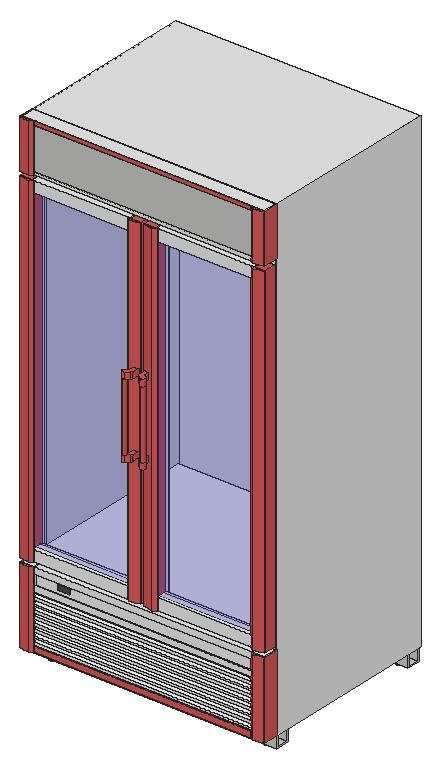
Revit family "QF_Turbo Air_TGF-35SDf5a67579-17e4-46e4-8828-1c72352706c0", category Specialty Equipment, Revit 2012
Parameters (values of type "White - Wine")
  Width = 3' - 3 1/2"  # constant formula
  Weight in Pounds = 519  # constant formula
  Watermarked By = "http://revitwatermark.com"
  Volts = 115 V
  URL Cutsheet = ""
  URL = "www.turboairinc.com"
  Status [instance] = ""
  Specification by User [instance] = ""
  Specification by Manufacturer [instance] = ""
  Sign Material [instance] = QF_Finishes_Turbo Air Image
  Serial Number [instance] = ""
  Revision Code [instance] = ""
  Phase = 1
  Number of Poles [instance] = 1
  NAFEM Spec ID Number [instance] = ""
  Model = "TGF-35SDV"
  Masterspec [instance] = ""
  Manufacturer = "Turbo Air"  # constant formula
  Lower Door Frame Material = QF_Finishes_White
  Lower Cowl Frame Material = QF_Finishes_Anodized - Red
  Legs [instance] = not(Casters)  # yes
  Item Number [instance] = "-"
  Installed By [instance] = ""
  HP = "1.25"
  Furnished By [instance] = ""
  Foodservice Equipment Identifier = yes
  FL Amps = 11.5 A
  Electrical Remarks [instance] = ""
  Electric Connection Type [instance] = ""
  Elec Conn RI Height [instance] = 0' - 0"
  Elec Conn Connection Height [instance] = if(Casters, 0' 11", 0' 6")  # 0' - 6"
  Door Material = QF_Finishes_Anodized - Red
  Description = "Freezer Merchandiser"
  Depth = 2' - 7 7/16"  # constant formula
  Cycle = 60 Hz
  Conn Plug = "NEMA 5-20P"
  CasterLeg Height [instance] = if(Casters, 0' 5", 0' 0 1/2")  # 0' - 0 1/2"
  CSI MasterFormat = "11 41 13"
  Body Material = QF_Finishes_White
  Assembly Code = "E1090320"
  Apparent Power = if(Phase = 3, Volts * FL Amps * 1.73, Volts * FL Amps)  # 1322.5 VA
  Casters [instance] = no
Types (4): name | Model | Lower Door Frame Material | Lower Cowl Frame Material | Door Material | Body Material
  (no name) | "TGF-35SDV" | QF_Finishes_White | QF_Finishes_Anodized - Red | QF_Finishes_Anodized - Red | QF_Finishes_White
  Black | "TGF-35SDB" | QF_Finishes_Black | QF_Finishes_Black | QF_Finishes_Black | QF_Finishes_Black
  White | "TGF-35SDW" | QF_Finishes_White | QF_Finishes_White | QF_Finishes_White | QF_Finishes_White
  White - Wine | "TGF-35SDV" | QF_Finishes_White | QF_Finishes_Anodized - Red | QF_Finishes_Anodized - Red | QF_Finishes_White
Reference planes (in)
  plane 1: z = 0
  plane 2 "LEFT": x = -20.72594
  plane 3 "RIGHT": x = 18.77406
  plane 4 "FRONT": y = -29.375
  plane 5 "BACK": y = 4.3125
  plane 6 "Front of Door": y = -27.125
  plane 7 "Top of Door": z = 70.8125
  plane 8 "Top of Lower Cowl": z = 14.875
  plane 9 "Front of Box": y = -24.75
  plane 10 "Bottom of Door": z = 15.5625
  plane 11 "Bottom of Lower Cowl": z = 2.5
  plane 12 "Left of Vents": x = -18.53844
  plane 13 "Right of Vents": x = 16.58656
  plane 14 "Bottom": z = 0.5
  plane 15 "TOP": z = 79.4375
  plane 16 "Bottom of Top Display": z = 71.5625
  plane 17 "Right of Left Door": x = -1.22594
  plane 18 "Left of Right Door": x = -0.72594
Forms (in)
  Extrusion 1, solid, material "QF_Finishes_White" <- "Body Material"
    sketch origin (0, 4.3125, 0) x (1, 0, 0) y (0, 0, 1)
      loop
        line (-20.72594, 2.5) -> (18.77406, 2.5) -> (18.77406, 79.4375) -> (-20.72594, 79.4375) -> (-20.72594, 2.5)
      loop
        line (-20.60094, 79.3125) -> (-20.60094, 2.625) -> (18.64906, 2.625) -> (18.64906, 79.3125) -> (-20.60094, 79.3125)
    from 0 to 29.0625
  Extrusion 2, solid, material "QF_Finishes_White" <- "Body Material"
    sketch origin (0, 4.3125, 0) x (1, 0, 0) y (0, 0, 1)
      loop
        line (-20.60094, 79.3125) -> (-20.60094, 2.625) -> (18.64906, 2.625) -> (18.64906, 79.3125) -> (-20.60094, 79.3125)
    from 0 to 0.125
  Extrusion 3, solid, material "QF_Finishes_White" <- "Body Material"
    sketch origin (0, -24.75, 0) x (1, 0, 0) y (0, 0, 1)
      loop
        line (-18.72594, 68.8125) -> (-18.72594, 16.875) -> (-3.22594, 16.875) -> (-3.22594, 68.8125) -> (-18.72594, 68.8125)
      loop
        line (16.77406, 16.875) -> (16.77406, 68.8125) -> (1.27406, 68.8125) -> (1.27406, 16.875) -> (16.77406, 16.875)
      loop
        line (-20.60094, 79.3125) -> (-20.60094, 2.625) -> (18.64906, 2.625) -> (18.64906, 79.3125) -> (-20.60094, 79.3125)
      loop
        line (16.58656, 14.875) -> (-18.53844, 14.875) -> (-18.53844, 3.5) -> (16.58656, 3.5) -> (16.58656, 14.875)
    from 0 to -0.125
  Extrusion 4, solid, material "QF_Finishes_White"
    sketch origin (-20.72594, 0, 0) x (0, 1, 0) y (0, 0, 1)
      loop
        line (-24.625, 15) -> (4.1875, 15) -> (4.1875, 79.3125) -> (-24.625, 79.3125) -> (-24.625, 68.8125) -> (-22.75, 68.8125) -> (-22.75, 77.4375) -> (2.3125, 77.4375) -> (2.3125, 16.875) -> (-24.625, 16.875) -> (-24.625, 15)
    from 0.125 to 39.375
  Extrusion 5, solid, material "QF_Finishes_White"
    sketch origin (-20.72594, 0, 0) x (0, 1, 0) y (0, 0, 1)
      loop
        line (-24.625, 16.875) -> (2.3125, 16.875) -> (2.3125, 77.4375) -> (-22.75, 77.4375) -> (-22.75, 68.8125) -> (-24.625, 68.8125) -> (-24.625, 16.875)
    from 0.125 to 2
  Extrusion 6, solid, material "QF_Finishes_White"
    sketch origin (18.77406, 0, 0) x (0, 1, 0) y (0, 0, 1)
      loop
        line (-24.625, 16.875) -> (2.3125, 16.875) -> (2.3125, 77.4375) -> (-22.75, 77.4375) -> (-22.75, 68.8125) -> (-24.625, 68.8125) -> (-24.625, 16.875)
    from -0.125 to -2
  Extrusion 7, solid, material "QF_Finishes_Black"
    sketch origin (0, -24.75, 0) x (1, 0, 0) y (0, 0, 1)
      loop
        line (0.58656, 69.5) -> (0.58656, 16.1875) -> (17.46156, 16.1875) -> (17.46156, 69.5) -> (0.58656, 69.5)
      loop
        line (0.46156, 69.625) -> (0.46156, 16.0625) -> (17.58656, 16.0625) -> (17.58656, 69.625) -> (0.46156, 69.625)
    from 0 to 0.4375
  Extrusion 8, solid, material "QF_Finishes_White" <- "Body Material"
    sketch origin (0, 4.3125, 0) x (1, 0, 0) y (0, 0, 1)
      loop
        circle (-0.97594, 6) r 0.25
    from 0 to -0.0625
  Extrusion 9, solid, material "QF_Finishes_Anodized - Red" <- "Door Material"
    sketch origin (0, 0, 2.5) x (0, 1, 0) y (-1, 0, 0)
      loop
        line (-24.75, 20.72594) -> (-27.25, 20.72594)
        arc (-27.25, 20.72594) -> (-27.46771, 19.92526) -> (-27.5625, 19.10094) r 5.5
        line (-27.5625, 19.10094) -> (-27.1875, 18.53844) -> (-27.125, 18.53844) -> (-27.125, 20.60094) -> (-24.75, 20.60094) -> (-24.75, 20.72594)
    from 0 to 12.375
  Extrusion 10, solid, material "QF_Finishes_Anodized - Red" <- "Door Material"
    sketch origin (25.75, 0, 2.5) x (0, 1, 0) y (-1, 0, 0)
      loop
        line (-24.75, 6.97594) -> (-24.75, 7.10094) -> (-27.125, 7.10094) -> (-27.125, 9.16344) -> (-27.1875, 9.16344) -> (-27.5625, 8.60094)
        arc (-27.5625, 8.60094) -> (-27.46771, 7.77662) -> (-27.25, 6.97594) r 5.5
        line (-27.25, 6.97594) -> (-24.75, 6.97594)
    from 0 to 12.375
  Extrusion 11, solid, material "QF_Finishes_White" <- "Body Material"
    sketch origin (0, -24.75, 0) x (1, 0, 0) y (0, 0, 1)
      loop
        line (-18.53844, 14.875) -> (-18.53844, 13.875) -> (16.58656, 13.875) -> (16.58656, 14.875) -> (-18.53844, 14.875)
      loop
        line (-18.53844, 12.1875) -> (-18.53844, 11.1875) -> (16.58656, 11.1875) -> (16.58656, 12.1875) -> (-18.53844, 12.1875)
    from 0 to 2.375
  Extrusion 12, solid, material "QF_Finishes_White" <- "Body Material"
    sketch origin (0, -24.75, 0) x (1, 0, 0) y (0, 0, 1)
      loop
        line (-18.53844, 13.875) -> (-18.53844, 12.1875) -> (16.58656, 12.1875) -> (16.58656, 13.875) -> (-18.53844, 13.875)
      loop
        line (-14.97594, 12.625) -> (-13.03844, 12.625) -> (-13.03844, 13.4375) -> (-14.97594, 13.4375) -> (-14.97594, 12.625)
    from 0 to 2.125
  Extrusion 13, solid, material "QF_Finishes_Black"
    sketch origin (0, -24.75, 0) x (1, 0, 0) y (0, 0, 1)
      loop
        line (-14.97594, 13.4375) -> (-14.97594, 12.625) -> (-13.03844, 12.625) -> (-13.03844, 13.4375) -> (-14.97594, 13.4375)
    from 0 to 2.125
  Extrusion 14, solid, material "QF_Finishes_White" <- "Body Material"
    sketch origin (0, -24.75, 0) x (1, 0, 0) y (0, 0, 1)
      loop
        line (-20.60094, 14.875) -> (-20.60094, 2.5) -> (18.64906, 2.5) -> (18.64906, 14.875) -> (16.58656, 14.875) -> (16.58656, 3.5) -> (-18.53844, 3.5) -> (-18.53844, 14.875) -> (-20.60094, 14.875)
    from 0 to 2.375
  Extrusion 15, solid, material "QF_Finishes_Anodized - Red" <- "Lower Cowl Frame Material"
    sketch origin (0, -27.125, 0) x (1, 0, 0) y (0, 0, 1)
      loop
        line (-18.53844, 3.5) -> (-18.53844, 2.5) -> (16.58656, 2.5) -> (16.58656, 3.5) -> (-18.53844, 3.5)
    from 0 to 0.0625
  Extrusion 16, solid, material "QF_Finishes_White" <- "Body Material"
    sketch origin (-18.53844, 0, 0) x (0, 1, 0) y (0, 0, 1)
      loop
        line (-27.125, 3.5625) -> (-27, 3.5625) -> (-27, 3.88572) -> (-26.47411, 4.41161) -> (-26.5625, 4.5) -> (-27.125, 3.9375) -> (-27.125, 3.5625)
      loop
        line (-27.125, 4.5) -> (-27, 4.625) -> (-27, 4.82322) -> (-26.47411, 5.34911) -> (-26.5625, 5.4375) -> (-27.125, 4.875) -> (-27.125, 4.5)
      loop
        line (-27.125, 5.4375) -> (-27, 5.5625) -> (-27, 5.76072) -> (-26.47411, 6.28661) -> (-26.5625, 6.375) -> (-27.125, 5.8125) -> (-27.125, 5.4375)
      loop
        line (-27.125, 6.375) -> (-27, 6.5) -> (-27, 6.69822) -> (-26.47411, 7.22411) -> (-26.5625, 7.3125) -> (-27.125, 6.75) -> (-27.125, 6.375)
      loop
        line (-27.125, 11.0625) -> (-26.5625, 11.0625) -> (-27.125, 10.5) -> (-27.125, 10.125) -> (-27, 10.25) -> (-27, 10.44822) -> (-26.47411, 10.97411) -> (-26.47411, 11.125) -> (-27.125, 11.125) -> (-27.125, 11.0625)
      loop
        line (-27.125, 7.3125) -> (-27, 7.4375) -> (-27, 7.63572) -> (-26.47411, 8.16161) -> (-26.5625, 8.25) -> (-27.125, 7.6875) -> (-27.125, 7.3125)
      loop
        line (-27.125, 8.25) -> (-27, 8.375) -> (-27, 8.57322) -> (-26.47411, 9.09911) -> (-26.5625, 9.1875) -> (-27.125, 8.625) -> (-27.125, 8.25)
      loop
        line (-27.125, 9.1875) -> (-27, 9.3125) -> (-27, 9.51072) -> (-26.47411, 10.03661) -> (-26.5625, 10.125) -> (-27.125, 9.5625) -> (-27.125, 9.1875)
    from 0 to 35.125
  Extrusion 17, solid, material "QF_Finishes_Stainless Steel"
    sketch origin (-20.72594, 0, 0) x (0, 1, 0) y (0, 0, 1)
      loop
        line (-24.5625, 2.5) -> (-24.5625, 0.5) -> (-22.375, 0.5) -> (-22.375, 2.5) -> (-22.5, 2.5) -> (-22.5, 0.625) -> (-24.4375, 0.625) -> (-24.4375, 2.5) -> (-24.5625, 2.5)
      loop
        line (1.9375, 2.5) -> (1.9375, 0.5) -> (4.125, 0.5) -> (4.125, 2.5) -> (4, 2.5) -> (4, 0.625) -> (2.0625, 0.625) -> (2.0625, 2.5) -> (1.9375, 2.5)
    from 0.125 to 39.375
  Extrusion 18, solid, material "QF_Finishes_Stainless Steel", visible <- "Legs"
    sketch origin (0, 0, 0) x (1, 0, 0) y (0, 1, 0)
      loop
        circle (-18.41344, 3.03125) r 0.5625
      loop
        circle (-18.41344, -23.46875) r 0.5625
    from 0 to 0.5
  Extrusion 19, solid, material "QF_Finishes_Stainless Steel", visible <- "Legs"
    sketch origin (23.4375, 0, 0) x (1, 0, 0) y (0, 1, 0)
      loop
        circle (-6.97594, 3.03125) r 0.5625
      loop
        circle (-6.97594, -23.46875) r 0.5625
    from 0 to 0.5
  Extrusion 20, solid, material "QF_Finishes_Anodized - Red" <- "Door Material"
    sketch origin (0, 0, 71.5625) x (0, 1, 0) y (-1, 0, 0)
      loop
        line (-24.75, 20.72594) -> (-27.25, 20.72594)
        arc (-27.25, 20.72594) -> (-27.46771, 19.92526) -> (-27.5625, 19.10094) r 5.5
        line (-27.5625, 19.10094) -> (-27.1875, 18.53844) -> (-27.125, 18.53844) -> (-27.125, 20.60094) -> (-24.75, 20.60094) -> (-24.75, 20.72594)
    from 0 to 7.875
  Extrusion 21, solid, material "QF_Finishes_Anodized - Red" <- "Door Material"
    sketch origin (0, 0, 71.5625) x (0, 1, 0) y (-1, 0, 0)
      loop
        line (-24.75, -18.77406) -> (-24.75, -18.64906) -> (-27.125, -18.64906) -> (-27.125, -16.58656) -> (-27.1875, -16.58656) -> (-27.5625, -17.14906)
        arc (-27.5625, -17.14906) -> (-27.46771, -17.97338) -> (-27.25, -18.77406) r 5.5
        line (-27.25, -18.77406) -> (-24.75, -18.77406)
    from 0 to 7.875
  Extrusion 22, solid, material "QF_Finishes_White" <- "Body Material"
    sketch origin (0, -24.75, 80) x (1, 0, 0) y (0, 0, 1)
      loop
        line (-20.60094, -0.5625) -> (-20.60094, -8.4375) -> (18.64906, -8.4375) -> (18.64906, -0.5625) -> (-20.60094, -0.5625)
      loop
        line (16.58656, -1.125) -> (-18.53844, -1.125) -> (-18.53844, -7.875) -> (16.58656, -7.875) -> (16.58656, -1.125)
    from 0 to 2.375
  Extrusion 23, solid, material "QF_Finishes_Anodized - Red" <- "Lower Cowl Frame Material"
    sketch origin (0, -27.125, 78) x (1, 0, 0) y (0, 0, 1)
      loop
        line (-18.53844, 1.4375) -> (-18.53844, 0.875) -> (16.58656, 0.875) -> (16.58656, 1.4375) -> (-18.53844, 1.4375)
    from 0 to 0.0625
  Extrusion 24, solid, material "QF_Finishes_Turbo Air Image" <- "Sign Material"
    sketch origin (0, -24.75, 0) x (1, 0, 0) y (0, 0, 1)
      loop
        line (-18.53844, 78.875) -> (-18.53844, 72.125) -> (16.58656, 72.125) -> (16.58656, 78.875) -> (-18.53844, 78.875)
    from 0 to 2.375
  Extrusion 25, solid, material "QF_Finishes_Black"
    sketch origin (-20, -24.75, 0) x (1, 0, 0) y (0, 0, 1)
      loop
        line (0.58656, 69.5) -> (0.58656, 16.1875) -> (17.46156, 16.1875) -> (17.46156, 69.5) -> (0.58656, 69.5)
      loop
        line (0.46156, 69.625) -> (0.46156, 16.0625) -> (17.58656, 16.0625) -> (17.58656, 69.625) -> (0.46156, 69.625)
    from 0 to 0.4375
Lines and regions (in)
  symbolic lines
    curve 1: line (-20.72594, 4.3125, 0) -> (18.77406, 4.3125, 0)
    curve 2: line (-20.72594, -24.75, 0) -> (-20.72594, 4.3125, 0)
    curve 3: line (18.77406, -24.75, 0) -> (-20.72594, -24.75, 0)
    curve 4: line (18.77406, 4.3125, 0) -> (18.77406, -24.75, 0)
    curve 5: line (0.46156, -24.75, 0) -> (0.46156, -25.1875, 0)
    curve 6: line (17.58656, -25.1875, 0) -> (17.58656, -24.75, 0)
    curve 7: line (-2.41344, -25.1875, 0) -> (-2.41344, -24.75, 0)
    curve 8: line (-19.53844, -24.75, 0) -> (-19.53844, -25.1875, 0)
  symbolic lines, style "QF_Clearances", detail levels coarse
    curve 9: line (-20.72594, -27.125, 0) -> (-20.72594, -46.625, 0)
    curve 10: line (18.77406, -46.625, 0) -> (18.77406, -27.125, 0)
    curve 11: arc (-20.72594, -46.625, 0) -> (-6.93736, -40.91358, 0) -> (-1.22594, -27.125, 0) r 19.5
    curve 12: arc (18.77406, -46.625, 0) -> (5.20645, -41.00511, 0) -> (-0.41344, -27.4375, 0) r 19.1875
Dimensions and locks (in)
  "Width": plane 3 "RIGHT" to plane 2 "LEFT"
  "Depth": plane 6 "Front of Door" to plane 5 "BACK"
  locked: plane 4 "FRONT" to plane 6 "Front of Door" at 2.25
  locked: plane 6 "Front of Door" to plane 9 "Front of Box" at 2.375
  locked: Extrusion 1 sketch curve to plane 2 "LEFT" at 0.125
  locked: Extrusion 1 sketch curve to plane 3 "RIGHT" at 0.125
  locked: Extrusion 3 sketch curve to plane 2 "LEFT" at 2
  locked: plane 7 "Top of Door" to Extrusion 3 sketch curve at 2  (x2)
  locked: Extrusion 3 sketch curve to plane 3 "RIGHT" at 2
  locked: Extrusion 3 sketch curve to plane 8 "Top of Lower Cowl" at 2  (x2)
  locked: plane 9 "Front of Box" to Extrusion 4 sketch curve at 0.125  (x2)
  locked: Extrusion 4 sketch curve to plane 5 "BACK" at 0.125
  locked: plane 8 "Top of Lower Cowl" to Extrusion 4 sketch curve at 0.125
  locked: Extrusion 4 sketch curve to Extrusion 4 sketch curve at 1.875  (x4)
  locked: plane 9 "Front of Box" to Extrusion 5 sketch curve at 0.125
  locked: plane 7 "Top of Door" to Extrusion 5 sketch curve at 2
  locked: Extrusion 5 sketch curve to plane 5 "BACK" at 2
  locked: plane 8 "Top of Lower Cowl" to Extrusion 5 sketch curve at 2
  locked: plane 7 "Top of Door" to Extrusion 6 sketch curve at 2
  locked: plane 8 "Top of Lower Cowl" to Extrusion 6 sketch curve at 2
  locked: Extrusion 6 sketch curve to plane 5 "BACK" at 2
  locked: plane 9 "Front of Box" to Extrusion 6 sketch curve at 0.125
  locked: Extrusion 7 sketch curve to Extrusion 7 sketch curve at 0.125  (x4)
  locked: Extrusion 7 sketch curve to plane 8 "Top of Lower Cowl" at 1.1875
  locked: plane 7 "Top of Door" to Extrusion 7 sketch curve at 1.1875
  locked: Extrusion 7 sketch curve to plane 3 "RIGHT" at 1.1875
  locked: plane 8 "Top of Lower Cowl" to plane 11 "Bottom of Lower Cowl" at 12.375
  locked: Extrusion 1 sketch curve to plane 11 "Bottom of Lower Cowl" at 0.125
  locked: plane 2 "LEFT" to plane 12 "Left of Vents" at 2.1875
  locked: plane 13 "Right of Vents" to plane 3 "RIGHT" at 2.1875
  locked: Extrusion 9 sketch curve to plane 6 "Front of Door" at 0.0625
  locked: Extrusion 9 sketch curve to plane 6 "Front of Door" at 0.125
  locked: Extrusion 9 sketch curve to plane 6 "Front of Door" at 0.4375
  locked: plane 2 "LEFT" to Extrusion 9 sketch curve at 1.625
  locked: Extrusion 10 sketch curve to plane 6 "Front of Door" at 0.125
  locked: Extrusion 10 sketch curve to plane 6 "Front of Door" at 0.0625
  locked: Extrusion 10 sketch curve to plane 6 "Front of Door" at 0.4375
  locked: Extrusion 10 sketch curve to plane 3 "RIGHT" at 1.625
  locked: plane 8 "Top of Lower Cowl" to Extrusion 11 sketch curve at 1
  locked: Extrusion 11 sketch curve to Extrusion 11 sketch curve at 1.6875
  locked: Extrusion 11 sketch curve to Extrusion 11 sketch curve at 1
  locked: plane 8 "Top of Lower Cowl" to Extrusion 12 sketch curve at 1
  locked: Extrusion 12 sketch curve to Extrusion 12 sketch curve at 1.6875
  locked: Extrusion 12 sketch curve to Extrusion 12 sketch curve at 0.4375
  locked: Extrusion 12 sketch curve to Extrusion 12 sketch curve at 0.8125
  locked: Extrusion 12 sketch curve to plane 12 "Left of Vents" at 3.5625
  locked: Extrusion 12 sketch curve to Extrusion 12 sketch curve at 1.9375
  locked: plane 8 "Top of Lower Cowl" to Extrusion 13 sketch curve at 1.4375
  locked: Extrusion 13 sketch curve to Extrusion 13 sketch curve at 0.8125
  locked: Extrusion 13 sketch curve to plane 12 "Left of Vents" at 3.5625
  locked: Extrusion 13 sketch curve to Extrusion 13 sketch curve at 1.9375
  locked: Extrusion 3 sketch curve to plane 11 "Bottom of Lower Cowl" at 0.125
  locked: Extrusion 3 sketch curve to plane 11 "Bottom of Lower Cowl" at 1
  locked: Extrusion 14 sketch curve to plane 11 "Bottom of Lower Cowl" at 1
  locked: Extrusion 15 sketch curve to plane 11 "Bottom of Lower Cowl" at 1
  locked: plane 2 "LEFT" to Extrusion 14 sketch curve at 0.125
  locked: plane 3 "RIGHT" to Extrusion 14 sketch curve at 0.125
  locked: plane 2 "LEFT" to Extrusion 9 sketch curve at 0.125
  locked: Extrusion 10 sketch curve to plane 3 "RIGHT" at 0.125
  locked: plane 11 "Bottom of Lower Cowl" to plane 14 "Bottom" at 2
  "CasterLeg Height": plane 14 "Bottom" to level
  locked: plane 7 "Top of Door" to plane 10 "Bottom of Door" at 55.25
  locked: Extrusion 17 sketch curve to Extrusion 17 sketch curve at 0.125  (x4)
  locked: plane 9 "Front of Box" to Extrusion 17 sketch curve at 0.1875
  locked: plane 14 "Bottom" to Extrusion 17 sketch curve at 0.125  (x2)
  locked: Extrusion 17 sketch curve to plane 5 "BACK" at 0.1875
  locked: Extrusion 17 sketch curve to Extrusion 17 sketch curve at 1.9375  (x2)
  locked: plane 2 "LEFT" to Extrusion 17 at 0.125
  locked: plane 3 "RIGHT" to Extrusion 17 at 0.125
  locked: Extrusion 18 sketch curve to plane 5 "BACK" at 1.28125
  locked: plane 2 "LEFT" to Extrusion 18 sketch curve at 2.3125  (x2)
  locked: plane 9 "Front of Box" to Extrusion 18 sketch curve at 1.28125
  locked: Extrusion 19 sketch curve to plane 5 "BACK" at 1.28125
  locked: Extrusion 19 sketch curve to plane 3 "RIGHT" at 2.3125  (x2)
  locked: plane 9 "Front of Box" to Extrusion 19 sketch curve at 1.28125
  locked: plane 2 "LEFT" to nested 2 at 2.3125
  locked: nested 2 to plane 5 "BACK" at 1.28125
  locked: nested 3 to plane 5 "BACK" at 1.28125
  locked: nested 3 to plane 3 "RIGHT" at 2.3125
  locked: plane 9 "Front of Box" to nested 4 at 1.28125
  locked: plane 2 "LEFT" to nested 4 at 2.3125
  locked: nested 5 to plane 3 "RIGHT" at 2.3125
  locked: plane 9 "Front of Box" to nested 5 at 1.28125
  equal spacing: plane 3 "RIGHT", Extrusion 8 sketch curve, plane 2 "LEFT"
  locked: Extrusion 8 sketch curve to plane 14 "Bottom" at 5.5
  locked: plane 15 "TOP" to plane 16 "Bottom of Top Display" at 7.875
  locked: plane 15 "TOP" to Extrusion 1 sketch curve at 0.125
  locked: Extrusion 4 sketch curve to plane 15 "TOP" at 0.125
  locked: Extrusion 4 sketch curve to plane 7 "Top of Door" at 2
  locked: plane 9 "Front of Box" to Extrusion 6 sketch curve at 2
  locked: Extrusion 6 sketch curve to plane 15 "TOP" at 2
  locked: plane 9 "Front of Box" to Extrusion 5 sketch curve at 2
  locked: plane 15 "TOP" to Extrusion 5 sketch curve at 2
  locked: Extrusion 22 sketch curve to plane 16 "Bottom of Top Display" at 0.5625
  locked: plane 15 "TOP" to Extrusion 22 sketch curve at 0.5625
  locked: plane 2 "LEFT" to Extrusion 22 sketch curve at 0.125
  locked: plane 3 "RIGHT" to Extrusion 22 sketch curve at 0.125
  locked: plane 15 "TOP" to Extrusion 23 sketch curve at 0.5625
  locked: plane 15 "TOP" to Extrusion 24 sketch curve at 0.5625
  locked: Extrusion 24 sketch curve to plane 16 "Bottom of Top Display" at 0.5625
  locked: plane 10 "Bottom of Door" to plane 8 "Top of Lower Cowl" at 0.6875
  locked: plane 16 "Bottom of Top Display" to plane 7 "Top of Door" at 0.75
  locked: plane 2 "LEFT" to plane 17 "Right of Left Door" at 19.5
  locked: plane 18 "Left of Right Door" to plane 3 "RIGHT" at 19.5
  locked: Extrusion 7 sketch curve to plane 18 "Left of Right Door" at 1.1875
  locked: Extrusion 25 sketch curve to Extrusion 25 sketch curve at 0.125  (x4)
  locked: Extrusion 25 sketch curve to plane 2 "LEFT" at 1.1875
  locked: plane 17 "Right of Left Door" to Extrusion 25 sketch curve at 1.1875
  locked: plane 7 "Top of Door" to Extrusion 25 sketch curve at 1.1875
  locked: Extrusion 25 sketch curve to plane 10 "Bottom of Door" at 0.5
  locked: plane 18 "Left of Right Door" to Extrusion 3 sketch curve at 2
  locked: Extrusion 3 sketch curve to plane 17 "Right of Left Door" at 2
  aligned and locked: level to plane 1
  aligned and locked: Extrusion 1 sketch curve to plane 3 "RIGHT"
  aligned and locked: plane 2 "LEFT" to Extrusion 1 sketch curve
  aligned and locked: plane 9 "Front of Box" to Extrusion 1
  aligned and locked: Extrusion 2 sketch curve to Extrusion 1  (x2)
  aligned and locked: Extrusion 3 sketch curve to Extrusion 1  (x2)
  aligned and locked: Extrusion 4 to Extrusion 1  (x2)
  aligned and locked: Extrusion 5 to Extrusion 1
  aligned and locked: Extrusion 1 to Extrusion 6
  aligned and locked: plane 3 "RIGHT" to nested 1
  aligned and locked: plane 5 "BACK" to curve 1
  aligned and locked: plane 2 "LEFT" to curve 2
  aligned and locked: curve 3 to plane 9 "Front of Box"
  aligned and locked: curve 4 to plane 3 "RIGHT"
  aligned and locked: curve 6 to Extrusion 7
  aligned and locked: plane 11 "Bottom of Lower Cowl" to Extrusion 1 sketch curve
  aligned and locked: Extrusion 9 sketch curve to plane 2 "LEFT"
  aligned and locked: plane 6 "Front of Door" to Extrusion 9 sketch curve
  aligned and locked: Extrusion 9 sketch curve to plane 12 "Left of Vents"
  aligned and locked: Extrusion 10 sketch curve to plane 3 "RIGHT"
  aligned and locked: Extrusion 10 sketch curve to plane 6 "Front of Door"
  aligned and locked: Extrusion 10 sketch curve to plane 13 "Right of Vents"
  aligned and locked: plane 8 "Top of Lower Cowl" to Extrusion 9
  aligned and locked: plane 8 "Top of Lower Cowl" to Extrusion 10
  aligned and locked: plane 8 "Top of Lower Cowl" to Extrusion 11 sketch curve
  aligned and locked: Extrusion 11 sketch curve to plane 12 "Left of Vents"
  aligned and locked: plane 12 "Left of Vents" to Extrusion 11 sketch curve
  aligned and locked: Extrusion 11 sketch curve to plane 13 "Right of Vents"
  aligned and locked: plane 13 "Right of Vents" to Extrusion 11 sketch curve
  aligned and locked: plane 6 "Front of Door" to Extrusion 11
  aligned and locked: plane 12 "Left of Vents" to Extrusion 12 sketch curve
  aligned and locked: Extrusion 12 sketch curve to plane 13 "Right of Vents"
  aligned and locked: plane 8 "Top of Lower Cowl" to Extrusion 3 sketch curve
  aligned and locked: Extrusion 3 sketch curve to plane 12 "Left of Vents"
  aligned and locked: Extrusion 3 sketch curve to plane 13 "Right of Vents"
  aligned and locked: plane 8 "Top of Lower Cowl" to Extrusion 14 sketch curve  (x2)
  aligned and locked: Extrusion 14 sketch curve to plane 11 "Bottom of Lower Cowl"
  aligned and locked: Extrusion 14 sketch curve to plane 13 "Right of Vents"
  aligned and locked: plane 6 "Front of Door" to Extrusion 14
  aligned and locked: plane 11 "Bottom of Lower Cowl" to Extrusion 15 sketch curve
  aligned and locked: plane 12 "Left of Vents" to Extrusion 15 sketch curve
  aligned and locked: Extrusion 15 sketch curve to plane 13 "Right of Vents"
  aligned and locked: plane 13 "Right of Vents" to Extrusion 16
  aligned and locked: plane 9 "Front of Box" to Extrusion 9 sketch curve
  aligned and locked: plane 9 "Front of Box" to Extrusion 10 sketch curve
  aligned and locked: Extrusion 17 sketch curve to plane 11 "Bottom of Lower Cowl"  (x4)
  aligned and locked: Extrusion 17 sketch curve to plane 14 "Bottom"  (x2)
  aligned and locked: plane 14 "Bottom" to Extrusion 18
  aligned and locked: plane 14 "Bottom" to Extrusion 19
  aligned and locked: Extrusion 1 sketch curve to plane 15 "TOP"
  aligned and locked: plane 15 "TOP" to Extrusion 22 sketch curve
  aligned and locked: Extrusion 22 sketch curve to plane 16 "Bottom of Top Display"
  aligned and locked: plane 12 "Left of Vents" to Extrusion 22 sketch curve
  aligned and locked: Extrusion 22 sketch curve to plane 13 "Right of Vents"
  aligned and locked: plane 15 "TOP" to Extrusion 20
  aligned and locked: plane 6 "Front of Door" to Extrusion 22
  aligned and locked: plane 12 "Left of Vents" to Extrusion 23 sketch curve
  aligned and locked: Extrusion 23 sketch curve to plane 15 "TOP"
  aligned and locked: Extrusion 23 sketch curve to plane 13 "Right of Vents"
  aligned and locked: plane 12 "Left of Vents" to Extrusion 24 sketch curve
  aligned and locked: Extrusion 24 to plane 9 "Front of Box"
  aligned and locked: plane 13 "Right of Vents" to Extrusion 24
  aligned and locked: plane 18 "Left of Right Door" to nested 1
  aligned and locked: plane 10 "Bottom of Door" to nested 6
  aligned and locked: plane 17 "Right of Left Door" to nested 6
  aligned and locked: plane 2 "LEFT" to nested 6
  aligned and locked: nested 1 to plane 10 "Bottom of Door"
  aligned and locked: curve 7 to Extrusion 25
  aligned and locked: curve 8 to Extrusion 25
Automatic sketch dimensions
  plane 11 "Bottom of Lower Cowl" to Extrusion 2 sketch curve = 0' - 0 1/8"
  Extrusion 2 sketch curve to plane 15 "TOP" = 0' - 0 1/8"
  Extrusion 9 sketch curve to plane 12 "Left of Vents" = 0' - 0.34816"
  plane 13 "Right of Vents" to Extrusion 10 sketch curve = 0' - 0.34816"
  Extrusion 14 sketch curve to plane 12 "Left of Vents" = 0' - 0"
  Extrusion 16 sketch curve to plane 6 "Front of Door" = 0' - 0"  (x9)
  Extrusion 16 sketch curve to plane 6 "Front of Door" = 0' - 0 1/8"  (x8)
  Extrusion 16 sketch curve to Extrusion 16 sketch curve = 0' - 0 7/16"  (x7)
  Extrusion 16 sketch curve to plane 6 "Front of Door" = 0' - 0 9/16"
  Extrusion 16 sketch curve to Extrusion 16 sketch curve = 0' - 0.08839"  (x8)
  plane 11 "Bottom of Lower Cowl" to Extrusion 16 sketch curve = 0' - 1 1/16"
  Extrusion 16 sketch curve to Extrusion 16 sketch curve = 0' - 0.32322"
  Extrusion 16 sketch curve to Extrusion 16 sketch curve = 0' - 0.05178"  (x8)
  Extrusion 16 sketch curve to Extrusion 16 sketch curve = 0' - 0 9/16"  (x8)
  Extrusion 16 sketch curve to Extrusion 16 sketch curve = 0' - 0 1/8"  (x7)
  Extrusion 16 sketch curve to Extrusion 16 sketch curve = 0' - 0.19822"  (x7)
  Extrusion 16 sketch curve to Extrusion 16 sketch curve = 0' - 0.52589"
  Extrusion 16 sketch curve to Extrusion 16 sketch curve = 0' - 0 1/16"
  Extrusion 20 sketch curve to plane 2 "LEFT" = 0' - 0"
  Extrusion 20 sketch curve to plane 12 "Left of Vents" = 0' - 0"
  plane 6 "Front of Door" to Extrusion 20 sketch curve = 0' - 0"
  plane 9 "Front of Box" to Extrusion 20 sketch curve = 0' - 0"
  Extrusion 20 sketch curve to Extrusion 20 sketch curve = 0' - 0 1/16"
  plane 6 "Front of Door" to Extrusion 20 sketch curve = 0' - 0 1/8"
  plane 6 "Front of Door" to Extrusion 20 sketch curve = 0' - 0 7/16"
  Extrusion 20 sketch curve to plane 12 "Left of Vents" = 0' - 0.34816"
  Extrusion 20 sketch curve to plane 9 "Front of Box" = 0' - 2.68332"
  Extrusion 20 sketch curve to Extrusion 20 sketch curve = 0' - 0 1/8"
  Extrusion 21 sketch curve to plane 3 "RIGHT" = 0' - 0"
  Extrusion 21 sketch curve to plane 13 "Right of Vents" = 0' - 0"
  plane 6 "Front of Door" to Extrusion 21 sketch curve = 0' - 0"
  plane 9 "Front of Box" to Extrusion 21 sketch curve = 0' - 0"
  Extrusion 21 sketch curve to Extrusion 21 sketch curve = 0' - 0 1/16"
  plane 6 "Front of Door" to Extrusion 21 sketch curve = 0' - 0 1/8"
  plane 6 "Front of Door" to Extrusion 21 sketch curve = 0' - 0 7/16"
  plane 13 "Right of Vents" to Extrusion 21 sketch curve = 0' - 0.34816"
  Extrusion 21 sketch curve to plane 9 "Front of Box" = 0' - 2.68332"
  Extrusion 21 sketch curve to Extrusion 21 sketch curve = 0' - 0 1/8"
  Extrusion 24 sketch curve to plane 13 "Right of Vents" = 0' - 0"
  Extrusion 3 sketch curve to plane 15 "TOP" = 0' - 0 1/8"
  curve 11 to plane 2 "LEFT" = 0' - 0"
  plane 6 "Front of Door" to curve 11 = 0' - 0"
  curve 11 to plane 17 "Right of Left Door" = 0' - 0"
  curve 10 to plane 3 "RIGHT" = 0' - 0"
  plane 6 "Front of Door" to curve 10 = 0' - 0"
  plane 6 "Front of Door" to curve 9 = 0' - 0"
  plane 18 "Left of Right Door" to curve 12 = 0' - 0 5/16"
  plane 18 "Left of Right Door" to curve 5 = 0' - 1 3/16"
  plane 4 "FRONT" to curve 10 = 1' - 5 1/4"
  curve 6 to curve 6 = 0' - 0 7/16"
  curve 8 to curve 8 = 0' - 0 7/16"
  curve 7 to curve 7 = 0' - 0 7/16"
  curve 5 to curve 5 = 0' - 0 7/16"
  radius of Extrusion 8 sketch curve = 0' - 0 1/4"
  radius of Extrusion 18 sketch curve = 0' - 0 9/16"  (x2)
  radius of Extrusion 19 sketch curve = 0' - 0 9/16"  (x2)
Nested families (in)
  nested 1: "QF_Turbo Air_RI_Merch-Door" at (14.45073, -25.1875, 15.5625), Handle Material <- "Door Material", Door Frame Top Material <- "Body Material", Door Frame Sides Material <- "Door Material", Door Frame Bottom Material <- "Lower Door Frame Material", type "QF_Turbo Air_RI_Merch-Door"
    with Width 1' - 7 1/2", Symbolic Lines yes, Height 4' - 7 1/4", Handle Material QF_Finishes_Anodized - Red, Door Frame Top Material QF_Finishes_White, Door Frame Sides Material QF_Finishes_Anodized - Red, Door Frame Bottom Material QF_Finishes_White, Depth 0' - 1 15/16", CL Handle Height 2' - 3 5/8"
  nested 2: "FESCasterLeg" at (-18.41344, 3.03125, 0), Casters <- "Casters", type "FESCasterLeg"
    with Legs no, Height 0' - 5", Casters no, Caster Radius 0' - 2"
  nested 3: "FESCasterLeg" at (16.46156, 3.03125, 0), Casters <- "Casters", type "FESCasterLeg"
    with Legs no, Height 0' - 5", Casters no, Caster Radius 0' - 2"
  nested 4: "FESCasterLeg" at (-18.41344, -23.46875, 0), Casters <- "Casters", type "FESCasterLeg"
    with Legs no, Height 0' - 5", Casters no, Caster Radius 0' - 2"
  nested 5: "FESCasterLeg" at (16.46156, -23.46875, 0), Casters <- "Casters", type "FESCasterLeg"
    with Legs no, Height 0' - 5", Casters no, Caster Radius 0' - 2"
  nested 6: "QF_Turbo Air_RI_Merch-Door" at (-16.40261, -25.1875, 15.5625) x (-1, 0, 0) z (0, 0, 1), Handle Material <- "Door Material", Door Frame Top Material <- "Body Material", Door Frame Sides Material <- "Door Material", Door Frame Bottom Material <- "Lower Door Frame Material", type "QF_Turbo Air_RI_Merch-Door"
    with Width 1' - 7 1/2", Symbolic Lines yes, Height 4' - 7 1/4", Handle Material QF_Finishes_Anodized - Red, Door Frame Top Material QF_Finishes_White, Door Frame Sides Material QF_Finishes_Anodized - Red, Door Frame Bottom Material QF_Finishes_White, Depth 0' - 1 15/16", CL Handle Height 2' - 3 5/8"
Connectors (in)
  electrical at (-0.97594, 4.375, 6), driven by "Number of Poles", driven by "Volts", driven by "Apparent Power"
    settings: on Extrusion 8, index 1, voltage 115 V, apparent load 1322.5 VA, apparent load phase1 0 VA, apparent load phase2 0 VA, apparent load phase3 0 VA, power factor 1, load classification "Other", number of poles 1, system type 30, power factor state 1, is connector primary yes, connector utility no, sub classification motor no, connector description "Electric"
Definition of nested family "QF_Turbo Air_RI_Merch-Door"
  Parameters (values of type "QF_Turbo Air_RI_Merch-Door")
    Width [instance] = 2' - 1"
    Watermarked By = "http://revitwatermark.com"
    Symbolic Lines [instance] = yes
    Manufacturer = "Turbo Air"  # constant formula
    Height [instance] = 2' - 6 1/2"
    Handle Material [instance] = QF_Finishes_Stainless Steel
    Door Frame Top Material [instance] = QF_Finishes_Stainless Steel
    Door Frame Sides Material [instance] = QF_Finishes_Stainless Steel
    Door Frame Bottom Material [instance] = QF_Finishes_Stainless Steel
    Depth [instance] = 0' - 1 15/16"
    CL Handle Height [instance] = 1' - 3 3/16"
  Reference planes (in)
    plane 1 "BACK": y = 0
    plane 2: z = 0
    plane 3 "LEFT": x = -15.17667
    plane 4: x = 9.82333
    plane 5 "FRONT": y = -1.9375
    plane 6: z = 30.5
    plane 7 "Top of Handle": z = 21.6875
    plane 8 "Bottom of Handle": z = 8.6875
    plane 9 "Center of Handle": z = 15.1875
    plane 10: x = -13.36417
    plane 11: x = 8.01083
    plane 12: z = 28.6875
    plane 13: z = 1.8125
    plane 14: z = 20.6875
    plane 15: z = 9.6875
  Forms (in)
    Extrusion 1, solid, material "QF_Finishes_Stainless Steel" <- "Door Frame Sides Material"
      sketch origin (0, 0, 0) x (1, 0, 0) y (0, 0, 1)
        loop
          line (-15.17667, 30.5) -> (-15.17667, 0) -> (-13.36417, 0) -> (-13.36417, 30.5) -> (-15.17667, 30.5)
        loop
          line (9.82333, 0) -> (9.82333, 30.5) -> (8.01083, 30.5) -> (8.01083, 0) -> (9.82333, 0)
      from 0 to 1.9375
    Extrusion 2, solid, material "QF_Finishes_Glass"
      sketch origin (0, 0, 0) x (1, 0, 0) y (0, 0, 1)
        loop
          line (-13.36417, 28.6875) -> (-13.36417, 1.8125) -> (8.01083, 1.8125) -> (8.01083, 28.6875) -> (-13.36417, 28.6875)
      from 0.5 to 1.4375
    Extrusion 3, solid, material "QF_Finishes_Stainless Steel" <- "Handle Material"
      sketch origin (0, 0, 8.6875) x (0, 1, 0) y (-1, 0, 0)
        loop
          circle (-3.8125, 13.92667) r 0.375
      from 1 to 12
    Extrusion 4, solid, material "QF_Finishes_Stainless Steel" <- "Handle Material"
      sketch origin (0, 0, 8.6875) x (0, 1, 0) y (-1, 0, 0)
        loop
          line (-1.9375, 14.86417) -> (-3.25, 14.86417)
          arc (-3.25, 14.86417) -> (-3.39351, 14.83562) -> (-3.51517, 14.75433) r 0.375
          line (-3.51517, 14.75433) -> (-4.07767, 14.19183)
          arc (-4.07767, 14.19183) -> (-4.07767, 13.6615) -> (-3.54733, 13.6615) r 0.375
          line (-3.54733, 13.6615) -> (-2.90717, 14.30167) -> (-1.9375, 14.30167) -> (-1.9375, 14.86417)
      from 0 to 1
    Extrusion 5, solid, material "QF_Finishes_Stainless Steel" <- "Handle Material"
      sketch origin (0, 0, 21.6875) x (0, 1, 0) y (-1, 0, 0)
        loop
          line (-1.9375, 14.86417) -> (-3.25, 14.86417)
          arc (-3.25, 14.86417) -> (-3.39351, 14.83562) -> (-3.51517, 14.75433) r 0.375
          line (-3.51517, 14.75433) -> (-4.07767, 14.19183)
          arc (-4.07767, 14.19183) -> (-4.07767, 13.6615) -> (-3.54733, 13.6615) r 0.375
          line (-3.54733, 13.6615) -> (-2.90717, 14.30167) -> (-1.9375, 14.30167) -> (-1.9375, 14.86417)
      from 0 to -1
    Extrusion 6, solid, material "QF_Finishes_Stainless Steel" <- "Door Frame Top Material"
      sketch origin (0, 0, 0) x (1, 0, 0) y (0, 0, 1)
        loop
          line (-13.36417, 30.5) -> (-13.36417, 28.6875) -> (8.01083, 28.6875) -> (8.01083, 30.5) -> (-13.36417, 30.5)
      from 0 to 1.9375
    Extrusion 7, solid, material "QF_Finishes_Stainless Steel" <- "Door Frame Bottom Material"
      sketch origin (0, 0, 0) x (1, 0, 0) y (0, 0, 1)
        loop
          line (-13.36417, 1.8125) -> (-13.36417, 0) -> (8.01083, 0) -> (8.01083, 1.8125) -> (-13.36417, 1.8125)
      from 0 to 1.9375
    Extrusion 8, solid, material "QF_Finishes_Stainless Steel" <- "Door Frame Sides Material"
      sketch origin (0, 0, 0) x (1, 0, 0) y (0, 1, 0)
        loop
          line (-15.17667, -1.9375) -> (-15.17667, -2.0625)
          arc (-15.17667, -2.0625) -> (-14.37599, -2.28021) -> (-13.55167, -2.375) r 5.5
          line (-13.55167, -2.375) -> (-12.98917, -2) -> (-12.98917, -1.9375) -> (-15.17667, -1.9375)
      from 0 to 30.5
    Extrusion 9, solid, material "QF_Finishes_Stainless Steel" <- "Door Frame Sides Material"
      sketch origin (25, 0, 0) x (1, 0, 0) y (0, 1, 0)
        loop
          line (-15.17667, -1.9375) -> (-17.36417, -1.9375) -> (-17.36417, -2) -> (-16.80167, -2.375)
          arc (-16.80167, -2.375) -> (-15.97735, -2.28021) -> (-15.17667, -2.0625) r 5.5
          line (-15.17667, -2.0625) -> (-15.17667, -1.9375)
      from 0 to 30.5
  Lines and regions (in)
    symbolic lines, visible <- "Symbolic Lines"
      curve 1: line (-15.17667, 0, 8.6875) -> (9.82333, 0, 8.6875)
      curve 2: line (-15.17667, -1.9375, 8.6875) -> (-15.17667, 0, 8.6875)
      curve 3: line (9.82333, -1.9375, 8.6875) -> (-15.17667, -1.9375, 8.6875)
      curve 4: line (9.82333, 0, 8.6875) -> (9.82333, -1.9375, 8.6875)
      curve 11: line (-15.17667, -1.9375, 0) -> (-15.17667, -2.0625, 0)
      curve 12: arc (-15.17667, -2.0625, 0) -> (-14.37599, -2.28021, 0) -> (-13.55167, -2.375, 0) r 5.5
      curve 13: line (-13.55167, -2.375, 0) -> (-12.98917, -2, 0)
      curve 14: line (-12.98917, -2, 0) -> (-12.98917, -1.9375, 0)
      curve 15: line (7.63583, -1.9375, 0) -> (7.63583, -2, 0)
      curve 16: line (7.63583, -2, 0) -> (8.19833, -2.375, 0)
      curve 17: arc (8.19833, -2.375, 0) -> (9.02265, -2.28021, 0) -> (9.82333, -2.0625, 0) r 5.5
      curve 18: line (9.82333, -2.0625, 0) -> (9.82333, -1.9375, 0)
    symbolic lines
      curve 5: line (-14.86417, -2.163, 8.6875) -> (-14.86417, -3.25, 8.6875)
      curve 6: arc (-14.86417, -3.25, 8.6875) -> (-14.83562, -3.39351, 8.6875) -> (-14.75433, -3.51517, 8.6875) r 0.375
      curve 7: line (-14.75433, -3.51517, 8.6875) -> (-14.19183, -4.07767, 8.6875)
      curve 8: arc (-14.19183, -4.07767, 8.6875) -> (-13.6615, -4.07767, 8.6875) -> (-13.6615, -3.54733, 8.6875) r 0.375
      curve 9: line (-13.6615, -3.54733, 8.6875) -> (-14.30167, -2.90717, 8.6875)
      curve 10: line (-14.30167, -2.90717, 8.6875) -> (-14.30167, -2.29398, 8.6875)
  Dimensions and locks (in)
    "Width": plane 4 to plane 3 "LEFT"
    "Depth": plane 5 "FRONT" to plane 1 "BACK"
    "Height": plane 6 to plane 2
    locked: plane 7 "Top of Handle" to plane 8 "Bottom of Handle" at 13
    equal spacing: plane 7 "Top of Handle", plane 9 "Center of Handle", plane 8 "Bottom of Handle"
    locked: plane 13 to level at 1.8125
    locked: plane 6 to plane 12 at 1.8125
    locked: plane 3 "LEFT" to plane 10 at 1.8125
    locked: plane 11 to plane 4 at 1.8125
    locked: plane 1 "BACK" to Extrusion 2 at 0.5
    locked: Extrusion 2 to plane 5 "FRONT" at 0.5
    "CL Handle Height": plane 9 "Center of Handle" to level
    locked: plane 7 "Top of Handle" to plane 14 at 1
    locked: plane 15 to plane 8 "Bottom of Handle" at 1
    locked: plane 3 "LEFT" to Extrusion 3 sketch curve at 1.25
    locked: Extrusion 3 sketch curve to plane 5 "FRONT" at 1.875
    locked: Extrusion 4 sketch curve to Extrusion 4 sketch curve at 0.5625
    locked: plane 3 "LEFT" to Extrusion 4 sketch curve at 0.3125
    locked: Extrusion 4 sketch curve to plane 5 "FRONT" at 1.3125
    locked: Extrusion 4 sketch curve to plane 5 "FRONT" at 0.96967
    locked: Extrusion 4 sketch curve to plane 5 "FRONT" at 1.57767
    locked: plane 3 "LEFT" to Extrusion 4 sketch curve at 0.42233
    locked: Extrusion 5 sketch curve to Extrusion 5 sketch curve at 0.5625
    locked: plane 3 "LEFT" to Extrusion 8 sketch curve at 2.1875
    locked: Extrusion 8 sketch curve to plane 5 "FRONT" at 0.125
    locked: Extrusion 8 sketch curve to plane 5 "FRONT" at 0.0625
    locked: plane 3 "LEFT" to Extrusion 8 sketch curve at 1.625
    locked: Extrusion 8 sketch curve to plane 5 "FRONT" at 0.4375
    locked: Extrusion 9 sketch curve to plane 4 at 2.1875
    locked: Extrusion 9 sketch curve to plane 4 at 1.625
    locked: Extrusion 9 sketch curve to plane 5 "FRONT" at 0.0625
    locked: Extrusion 9 sketch curve to plane 5 "FRONT" at 0.4375
    locked: Extrusion 9 sketch curve to plane 5 "FRONT" at 0.125
    aligned and locked: level to plane 2
    aligned and locked: Extrusion 1 sketch curve to plane 6
    aligned and locked: plane 3 "LEFT" to Extrusion 1 sketch curve
    aligned and locked: level to Extrusion 1 sketch curve
    aligned and locked: Extrusion 1 sketch curve to plane 4
    aligned and locked: plane 5 "FRONT" to Extrusion 1
    aligned and locked: plane 10 to Extrusion 1 sketch curve
    aligned and locked: Extrusion 1 sketch curve to plane 11
    aligned and locked: Extrusion 2 sketch curve to plane 12
    aligned and locked: plane 10 to Extrusion 2 sketch curve
    aligned and locked: Extrusion 2 sketch curve to plane 11
    aligned and locked: plane 13 to Extrusion 2 sketch curve
    aligned and locked: plane 3 "LEFT" to curve 2
    aligned and locked: plane 1 "BACK" to curve 1
    aligned and locked: curve 4 to plane 4
    aligned and locked: curve 3 to plane 5 "FRONT"
    aligned and locked: Extrusion 3 to plane 15
    aligned and locked: plane 14 to Extrusion 3
    aligned and locked: Extrusion 4 sketch curve to Extrusion 3
    aligned and locked: plane 5 "FRONT" to Extrusion 4 sketch curve
    aligned and locked: plane 15 to Extrusion 4
    aligned and locked: Extrusion 5 to plane 14
    aligned and locked: Extrusion 5 to curve 5
    aligned and locked: curve 6 to Extrusion 5
    aligned and locked: curve 8 to Extrusion 5
    aligned and locked: curve 10 to Extrusion 5
    aligned and locked: Extrusion 6 sketch curve to plane 6
    aligned and locked: plane 12 to Extrusion 6 sketch curve
    aligned and locked: Extrusion 6 sketch curve to plane 11
    aligned and locked: plane 10 to Extrusion 6 sketch curve
    aligned and locked: plane 5 "FRONT" to Extrusion 6
    aligned and locked: Extrusion 7 sketch curve to plane 13
    aligned and locked: level to Extrusion 7 sketch curve
    aligned and locked: Extrusion 7 sketch curve to plane 11
    aligned and locked: plane 10 to Extrusion 7 sketch curve
    aligned and locked: plane 5 "FRONT" to Extrusion 7
    aligned and locked: plane 5 "FRONT" to Extrusion 8 sketch curve
    aligned and locked: Extrusion 8 sketch curve to plane 3 "LEFT"
    aligned and locked: plane 6 to Extrusion 8
    aligned and locked: Extrusion 9 sketch curve to plane 5 "FRONT"
    aligned and locked: Extrusion 9 sketch curve to plane 4
    aligned and locked: plane 6 to Extrusion 9
    aligned and locked: curve 11 to Extrusion 8
    aligned and locked: curve 12 to Extrusion 8
    aligned and locked: curve 13 to Extrusion 8
    aligned and locked: curve 14 to Extrusion 8
    aligned and locked: curve 15 to Extrusion 9
    aligned and locked: curve 16 to Extrusion 9
    aligned and locked: curve 17 to Extrusion 9
    aligned and locked: curve 18 to Extrusion 9
  Automatic sketch dimensions
    plane 10 to Extrusion 8 sketch curve = 0' - 0.02684"
    Extrusion 1 sketch curve to level = 0' - 0"
    Extrusion 1 sketch curve to plane 6 = 0' - 0"
    Extrusion 4 sketch curve to Extrusion 4 sketch curve = 0' - 0.26517"
    Extrusion 4 sketch curve to plane 10 = 0' - 0.29733"
    plane 5 "FRONT" to Extrusion 5 sketch curve = 0' - 0"
    plane 5 "FRONT" to Extrusion 5 sketch curve = 0' - 0.96967"
    plane 3 "LEFT" to Extrusion 5 sketch curve = 0' - 0 5/16"
    Extrusion 5 sketch curve to Extrusion 5 sketch curve = 0' - 0.34283"
    plane 3 "LEFT" to Extrusion 5 sketch curve = 0' - 0.42233"
    Extrusion 5 sketch curve to Extrusion 5 sketch curve = 0' - 0.26517"  (x4)
    Extrusion 5 sketch curve to plane 10 = 0' - 0.29733"
    Extrusion 5 sketch curve to Extrusion 5 sketch curve = 0' - 0.29733"
    Extrusion 9 sketch curve to plane 11 = 0' - 0.02684"
    plane 5 "FRONT" to curve 11 = 0' - 0"
    plane 5 "FRONT" to curve 14 = 0' - 0"
    plane 5 "FRONT" to curve 15 = 0' - 0"
    plane 5 "FRONT" to curve 18 = 0' - 0"
    curve 7 to plane 10 = 0' - 0.82767"
    curve 8 to plane 10 = 0' - 0.29733"
    plane 3 "LEFT" to curve 7 = 0' - 0.42233"
    curve 6 to curve 10 = 0' - 0.34283"
    plane 5 "FRONT" to curve 10 = 0' - 0.35648"
    plane 5 "FRONT" to curve 5 = 0' - 0.2255"
    radius of Extrusion 3 sketch curve = 0' - 0 3/8"
Definition of nested family "FESCasterLeg"
  Parameters (values of type "FESCasterLeg")
    Watermarked By = "http://revitwatermark.com"
    Type Comments = "⍁⍉⌁⌀⏭⎽⌇⍠⌜⍉⎖⌥⌦⌯⍭⏊⍻⍿⍊⏵⍊⏗⏠⍴⎡⌈⎀⍠⌓⌤⏘⎐⍀⌐⏬⏁⎈⏍⏦⎒⏬⌝⍩⍇⌣〈⎫〉⎁⏊⍥⍖⍥⍝⍦⌖⍀⏌⏭⎝⎼⏷⏞⍻⏯⎽⏷⏞⍻⏯⎽⏷⎺⌻⎝⍎⌧⏷⏟⏿⌿⍜⍦⍤⌁⍬⏶⏎⍊⏚⏉⎞⌡⎀⎪⏈⌟⌿⍾⍼⌟⌿⌢⌞⏜⏝⎽⍷⍷⍯⍧⍷⌯⍽⏸⏨⏾⏎⌣⏺⍹⏼⏅⎏⌽⎫⎪⍙⎓⏗⎗⏅⌴⍏⍏⍿⏑⎺⍘⌭⏲⍥⎛⎾⎾⍞⍌⎪⎲⌙⎥⏏⎟⎟⏼⏘⎏⎝⏧⏍⏁⍏⍧⏯⏾⌟"
    Legs [instance] = yes
    Height [instance] = 0' - 6"
    Caster Radius [instance] = if(Height < 0' 3", 0' 1", (Height / 2) - 0' 0 1/2")  # 0' - 2 1/2"
    Casters [instance] = yes
    Assembly Code = ""
  Reference planes (in)
    plane 1 "Center (Front/Back)": y = 0
    plane 2: z = 0
    plane 3 "Center (Left/Right)": x = 0
    plane 4: z = 6
    plane 5: z = 5.5
  Forms (in)
    Extrusion 1, solid, material "QF_Finishes_Stainless Steel", visible <- "Casters"
      sketch origin (-24.12131, -22.88887, 10.18833) x (0.707107, 0.707107, 0) y (0, 0, 1)
        loop
          line (34.98772, -7.68833) -> (34.98772, -4.93833) -> (34.48772, -4.93833) -> (34.39402, -4.68833) -> (32.39402, -4.68833) -> (32.39402, -5.43833) -> (33.98772, -7.34206) -> (33.98772, -7.68833)
          arc (33.98772, -7.68833) -> (34.48772, -8.18833) -> (34.98772, -7.68833) r 0.5
      from 0 to 1.75
    Extrusion 2, solid, material "QF_Finishes_Rubber Black", visible <- "Casters"
      sketch origin (-24.32327, -23.09083, 13.31461) x (0.707107, 0.707107, 0) y (0, 0, 1)
        loop
          circle (34.77334, -10.81461) r 2.5
      from 0.375 to 1.375
    Extrusion 3, solid, material "QF_Finishes_Stainless Steel", visible <- "Casters"
      sketch origin (-7.24148, -8.48391, 0) x (0.707107, 0.707107, 0) y (0, 0, 1)
        loop
          line (10.61603, 5.5) -> (11.61603, 5.5) -> (11.61603, 6) -> (10.61603, 6) -> (10.61603, 5.5)
      from 0 to -1.75
    Blend 4, solid, material "QF_Finishes_Stainless Steel", visible <- "Legs"
      base sketch origin (0, 0, 0) x (1, 0, 0) y (0, 1, 0)
        loop
          circle (0, 0) r 0.5
      top sketch origin (0, 0, 0) x (1, 0, 0) y (0, 1, 0)
        loop
          circle (0, 0) r 1
      from 0 to 6 <- "Height"
  Lines and regions (in)
    symbolic lines, style "QF_Hidden Details", visible <- "Casters", built-in parameter 1006206 <- "Casters"
      curve 1: line (-1.26158, -0.51911, 0) -> (1.39007, 2.13254, 0)
      curve 2: line (-0.53429, -1.24639, 0) -> (2.11736, 1.40526, 0)
    symbolic lines, style "QF_Hidden Details", built-in parameter 1006206 <- "Casters", visible <- "Casters"
      curve 3: line (-1.26158, -0.51911, 0) -> (1.39007, 2.13254, 0)
      curve 4: line (-0.53429, -1.24639, 0) -> (2.11736, 1.40526, 0)
  Dimensions and locks (in)
    locked: plane 4 to plane 5 at 0.5
    "Height": plane 4 to level
    "Caster Radius": Extrusion 2 sketch curve to level
    "Caster Radius": Extrusion 1 sketch curve to level
    "Caster Radius": radius of Extrusion 2 sketch curve
    aligned and locked: plane 2 to level
    aligned: Blend 4 to Extrusion 3
    aligned and locked: plane 4 to Blend 4
    aligned and locked: Extrusion 3 to plane 5
    aligned and locked: plane 4 to Extrusion 3
    aligned and locked: plane 5 to Extrusion 1
  Automatic sketch dimensions
    plane 1 "Center (Front/Back)" to curve 3 = 0' - 0.51911"
    curve 3 to plane 3 "Center (Left/Right)" = 0' - 1.26158"
    plane 1 "Center (Front/Back)" to curve 1 = 0' - 0.51911"
    curve 1 to curve 3 = 0' - 0"  (x3)
    curve 4 to plane 3 "Center (Left/Right)" = 0' - 0.53429"
    curve 2 to curve 4 = 0' - 0"  (x2)
    plane 3 "Center (Left/Right)" to curve 3 = 0' - 1.39007"
    curve 1 to curve 4 = 0' - 0.72729"
    curve 2 to curve 1 = 0' - 0.72729"
    curve 4 to curve 2 = 0' - 0"  (x2)
    curve 2 to plane 1 "Center (Front/Back)" = 0' - 1.40526"
    curve 2 to curve 3 = 0' - 0.72729"
    plane 5 to Extrusion 1 sketch curve = 0' - 0"
    Extrusion 1 sketch curve to Extrusion 1 sketch curve = 0' - 1.5937"
    Extrusion 1 sketch curve to Extrusion 1 sketch curve = 0' - 2"
    Extrusion 1 sketch curve to Extrusion 1 sketch curve = 0' - 0.0937"
    Extrusion 1 sketch curve to Extrusion 1 sketch curve = 0' - 0 1/2"
    Extrusion 1 sketch curve to Extrusion 1 sketch curve = 0' - 0.34627"
    Extrusion 1 sketch curve to plane 5 = 0' - 0 3/4"
    Extrusion 1 sketch curve to plane 5 = 0' - 0 1/4"
    Extrusion 3 sketch curve to plane 5 = 0' - 0"
    plane 4 to Extrusion 3 sketch curve = 0' - 0"
    Extrusion 3 sketch curve to Extrusion 3 sketch curve = 0' - 1"
    plane 1 "Center (Front/Back)" to Blend 4 sketch curve = 0' - 0"  (x2)
    Blend 4 sketch curve to plane 3 "Center (Left/Right)" = 0' - 0"  (x2)
    radius of Blend 4 sketch curve = 0' - 0 1/2"
    radius of Blend 4 sketch curve = 0' - 1"
